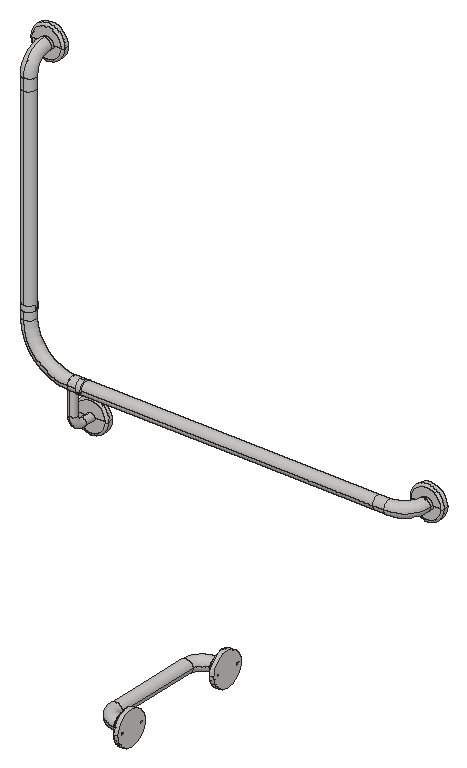
Revit family "RBA4090-301", category Plumbing Fixtures, Revit 2021
Family settings
  Round Connector Dimension = Use Diameter
  Part Type = Normal
  Work Plane-Based = No
  Always vertical = No
  Cut with Voids When Loaded = No
  Shared = No
  Room Calculation Point = No
Parameters
  Watermarked By = "www.rba.com.au"
  URL = "www.rba.com.au"
  Phone Number = "1300 788 778"
  OFFSET = 800.00 mm
  Model = "RBA4090-301"
  Materials & Finishes = #304 Stainless Steel, Satin Finish
  Manufacturer Model = ""
  Manufacturer = "RBA Group"
  Distance Away from Wall [instance] = 100.00 mm
  Distance Away from Toilet [instance] = 1090.00 mm
  Description = "RH Accessible Rail + 300mm Straight Kit | Satin Finish"
  Default Elevation = 0.00 mm
  Copyrighted by = "RBA Group"  # constant formula
  Assembly Code = ""
Reference planes
  plane 1 "Center (Front/Back)": y = 0
  plane 2: z = 0
  plane 3: x = 40.5
  plane 4: z = 800
  plane 5: x = 1090.5
  plane 6: x = 990.5
  plane 7: x = 140.5
  plane 8: z = 700
  plane 9: z = 1500
  plane 10: y = -86
  plane 11: y = -54
  plane 12: y = -1074
  plane 13: y = -1090
  plane 14: x = 1035.5
  plane 15: x = 1003.5
  plane 16: z = 816
  plane 17: x = 56.5
  plane 18: x = 46.5
Dimensions and locks
  "OFFSET": plane 4 to plane 2
  plane 11 to plane 1 "Center (Front/Back)" = 54.00 mm
  plane 10 to plane 1 "Center (Front/Back)" = 86.00 mm
  "Distance Away from Wall": plane 6 to plane 5
  locked: plane 12 to plane 13 at 16
  "Distance Away from Toilet": plane 13 to plane 1 "Center (Front/Back)"
Nested families
  nested 1: "RBA4090-911" at (-656, 0, 800), type "RBA4090-911"
  nested 2: "RBA4000-Straight-Series" at (1090.5, -1074, 800) x (0, 1, 0) z (0, 0, -1), type "RBA4000-030"
Definition of nested family "RBA4090-911"
  Parameters (values of type "RBA4090-911")
    Watermarked By = "www.rba.com.au"
    URL = "www.rba.com.au"
    R_Void [instance] = 15.00 mm
    R [instance] = 0.00 mm
    Phone Number = "1300 788 778"
    Model = "RBA4090-911"
    Materials & Finishes = none
    Manufacturer Model = "B819436"
    Manufacturer = "RBA Group"
    Description = "RTA SSS Right Hand Single Wall 90° Rail"
    Default Elevation = 0.00 mm
    Copyrighted by = "RBA Group"  # constant formula
    Assembly Code = ""
  Reference planes
    plane 1 "Center (Front/Back)": y = 0
    plane 2: z = 0
    plane 3: x = 40.5
    plane 4: x = 990.5
    plane 5: x = 515.5
    plane 6: z = 700
    plane 7: x = 835.5
    plane 8: z = -100
    plane 9: x = 974.5
    plane 10: z = 16
    plane 11: y = -70
    plane 12: y = -86
    plane 13: y = -54
    plane 14: y = -79.5
    plane 15: y = -60.5
    plane 16: z = -30
    plane 17: z = 30
    plane 18: x = 1606.5
    plane 19: x = 1666.5
    plane 20: z = 670
    plane 21: z = 730
    plane 22: x = 716.5
    plane 23: x = 656.5
    plane 24: z = -130
    plane 25: z = -70
    plane 26: x = 766.5
    plane 27: x = 826.5
    plane 28: x = 686.5
  Forms (mm)
    Extrusion 1, solid, material <- "Materials & Finishes"
      sketch origin (1636.5, -2.628, 315.907) x (0, 0, -1) y (-1, 0, 0)
        loop
          circle (315.907, 0) r 40
      from -0.219 to 2.628
    Revolve 2, solid, material <- "Materials & Finishes"
      sketch origin (1636.5, 18.663, 0) x (0, -1, 0) y (1, 0, 0)
        loop
          line (18.663, 0) -> (33.701, 0) -> (32.842, 36.617)
          arc (32.842, 36.617) -> (31.337, 40.077) -> (27.844, 41.5) r 5
          line (27.844, 41.5) -> (18.663, 41.5) -> (18.663, 0)
        axis (18.663, 0) -> (33.701, 0)
      angle from 0 to 360
    Extrusion 3, void
      sketch origin (1636.5, 34.941, 315.907) x (0, 0, -1) y (-1, 0, 0)
        loop
          circle (315.907, 30) r 5
        loop
          circle (315.907, -30) r 5
      from -37.788 to -30
    Sweep 4, solid, material <- "Materials & Finishes"
      path origin (1636.5, 12.454, 0) x (0, -1, 0) y (-1, 0, 0)
        loop
          line (12.454, 0) -> (34.454, 0)
          arc (34.454, 0) -> (68.395, 14.059) -> (82.454, 48) r 48
          line (82.454, 48) -> (82.454, 76)
      profile origin (1636.5, -11, 0) x (1, 0, 0) y (0, 0, 1)
        loop
          circle (0, 0) r 16
    Extrusion 5, solid, material <- "Materials & Finishes"
      sketch origin (686.5, -2.628, 1015.907) x (0, 0, -1) y (-1, 0, 0)
        loop
          circle (315.907, 0) r 40
      from -0.219 to 2.628
    Extrusion 6, void
      sketch origin (686.5, 34.941, 1015.907) x (0, 0, -1) y (-1, 0, 0)
        loop
          circle (315.907, -30) r 5
        loop
          circle (315.907, 30) r 5
      from -37.788 to -30
    Sweep 7, solid, material <- "Materials & Finishes"
      path origin (-13.5, 12.454, 700) x (0, -1, 0) y (0, 0, -1)
        loop
          line (12.454, 0) -> (34.454, 0)
          arc (34.454, 0) -> (68.395, 14.059) -> (82.454, 48) r 48
          line (82.454, 48) -> (82.454, 76)
      profile origin (-13.5, -11, 700) x (0, 0, -1) y (1, 0, 0)
        loop
          circle (0, 700) r 16
    Revolve 8, solid, material <- "Materials & Finishes"
      sketch origin (686.5, 18.663, 700) x (0, -1, 0) y (1, 0, 0)
        loop
          line (18.663, 0) -> (18.663, -41.5) -> (27.844, -41.5)
          arc (27.844, -41.5) -> (31.337, -40.077) -> (32.842, -36.617) r 5
          line (32.842, -36.617) -> (33.701, 0) -> (18.663, 0)
        axis (18.663, 0) -> (33.701, 0)
      angle from 0 to 360
    Sweep 9, solid, material <- "Materials & Finishes"
      path origin (1677, 0, 0) x (-1, 0, 0) y (0, 0, -1)
        loop
          line (116.5, 0) -> (880.5, 0)
          arc (880.5, 0) -> (958.282, -32.218) -> (990.5, -110) r 110
          line (990.5, -110) -> (990.5, -624)
      profile origin (1178.5, 0, 0) x (0, 0, -1) y (0, -1, 0)
        loop
          circle (0, 70) r 16
    Extrusion 10, solid, material <- "Materials & Finishes"
      sketch origin (796.5, -2.628, 215.907) x (0, 0, -1) y (-1, 0, 0)
        loop
          circle (315.907, 0) r 40
      from -0.219 to 2.628
    Revolve 11, solid, material <- "Materials & Finishes"
      sketch origin (796.5, 18.663, -100) x (0, -1, 0) y (1, 0, 0)
        loop
          line (18.663, 0) -> (33.701, 0) -> (32.842, 36.617)
          arc (32.842, 36.617) -> (31.337, 40.077) -> (27.844, 41.5) r 5
          line (27.844, 41.5) -> (18.663, 41.5) -> (18.663, 0)
        axis (18.663, 0) -> (33.701, 0)
      angle from 0 to 360
    Sweep 12, solid, material <- "Materials & Finishes"
      path origin (796.5, 12.454, -100) x (0, -1, 0) y (0, 0, 1)
        loop
          line (12.454, 0) -> (54.454, 0)
          arc (54.454, 0) -> (74.253, 8.201) -> (82.454, 28) r 28
          line (82.454, 28) -> (82.454, 100)
      profile origin (796.5, -21, -100) x (0, 0, 1) y (-1, 0, 0)
        loop
          circle (0, 0) r 9.5
    Extrusion 13, void
      sketch origin (796.5, 34.941, 215.907) x (0, 0, -1) y (-1, 0, 0)
        loop
          circle (315.907, 30) r 5
        loop
          circle (315.907, -30) r 5
      from -37.788 to -30
    Extrusion 14, solid, material <- "Materials & Finishes"
      sketch origin (1677, 0, 0) x (-1, 0, 0) y (0, -1, 0)
        loop
          circle (990.5, 70) r 17
      from 142 to 130
    Extrusion 15, solid, material <- "Materials & Finishes"
      sketch origin (1026.5, 0, 990.5) x (0, 0, -1) y (0, -1, 0)
        loop
          circle (990.5, 70) r 17
      from 210 to 198
  Cuts and joins
    Extrusion 3 cuts Extrusion 1
    Extrusion 3 cuts Revolve 2
    Extrusion 6 cuts Extrusion 5
    Extrusion 6 cuts Revolve 8
    Extrusion 13 cuts Extrusion 10
    Extrusion 13 cuts Revolve 11
    joined: Sweep 4, Sweep 7, Sweep 9
  Dimensions and locks
    level to plane 8 = 100.00 mm
    plane 6 to level = 700.00 mm
    plane 4 to plane 7 = 155.00 mm
    plane 4 to plane 3 = 950.00 mm
    Revolve 2 sketch curve to Revolve 2 sketch curve = 41.50 mm
    plane 17 to plane 16 = 60.00 mm
    plane 18 to plane 19 = 60.00 mm
    plane 21 to plane 20 = 60.00 mm
    plane 23 to plane 22 = 60.00 mm
    Revolve 8 sketch curve to Revolve 8 sketch curve = 41.50 mm
    Revolve 11 sketch curve to Revolve 11 sketch curve = 41.50 mm
    plane 25 to plane 24 = 60.00 mm
    plane 26 to plane 27 = 60.00 mm
    radius of Extrusion 1 sketch curve = 40.00 mm
    radius of Sweep 4 sketch curve = 16.00 mm
    radius of Extrusion 5 sketch curve = 40.00 mm
    radius of Sweep 7 sketch curve = 16.00 mm
    radius of Extrusion 10 sketch curve = 40.00 mm
    radius of Sweep 12 sketch curve = 9.50 mm
    aligned and locked: Revolve 2 to Extrusion 1
    aligned and locked: Revolve 11 to Extrusion 10
Definition of nested family "RBA4000-Straight-Series"
  Parameters (values of type "RBA4000-060")
    Watermarked By = "www.rba.com.au"
    URL = "www.rba.com.au"
    Phone Number = ""
    OFFSET [instance] = 800.00 mm
    Modified Issue = ""
    Model = "RBA4000-Straight-Series"
    Materials & Finishes = none
    Manufacturer = "RBA Group"  # constant formula
    Lgth = 600.00 mm
    Diameter = 32.00 mm
    Description = "RTA Satin Stainless Steel Straight Grabrail"
    Default Elevation = 0.00 mm
    Copyright by = "RBA Group"  # constant formula
  Types (9, lengths in mm): name | URL | Phone Number | Modified Issue | Model | Lgth | Description
    RBA4000-040 | "www.rba.com.au" | "" | "20191108.1" | "RBA4000-040" | 400.00 | "Straight Grab Rail 400mm"
    RBA4000-120 | "http://www.rba.com.au/accessible-disabled/grab-rails" | "1300 788 778" | "20191004.01" | "RBA4000-120" | 1200.00 | "Straight Grab Rail 1200mm"
    RBA4000-100 | "http://www.rba.com.au/accessible-disabled/grab-rails" | "1300 788 778" | "20191004.01" | "RBA4000-100" | 1000.00 | "Straight Grab Rail 1000mm"
    RBA4000-080 | "http://www.rba.com.au/accessible-disabled/grab-rails" | "1300 788 778" | "20191004.01" | "RBA4000-080" | 800.00 | "Straight Grab Rail 800mm"
    RBA4000-090 | "www.rba.com.au" | "" | "20191004.01" | "RBA4000-090" | 900.00 | "Straight Grab Rail 900mm"
    RBA4000-070 | "www.rba.com.au" | "" | "20191004.01" | "RBA4000-075" | 700.00 | "Straight Grab Rail 750mm"
    RBA4000-060 | "www.rba.com.au" | "" | "" | "RBA4000-Straight-Series" | 600.00 | "RTA Satin Stainless Steel Straight Grabrail"
    RBA4000-045 | "www.rba.com.au" | "" | "20191004.01" | "RBA4000-045" | 450.00 | "Straight Grab Rail 450mm"
    RBA4000-030 | "www.rba.com.au" | "" | "20190510.1" | "RBA4000-030" | 300.00 | "Straight Grab Rail 300mm"
  Reference planes
    plane 1 "Center (Front/Back)": y = 0
    plane 2: z = 0
    plane 3 "Center (Left/Right)": x = 0
    plane 4: x = 0
    plane 5: x = 0
    plane 6: y = -57
    plane 7: y = -87
    plane 8: x = 600
    plane 9: z = 16
    plane 10: z = -16
    plane 11: y = -55
  Forms (mm)
    Sweep 1, solid, material <- "Materials & Finishes"
      path origin (-273.954, -750, 0) x (0, -1, 0) y (1, 0, 0)
        loop
          line (-740, 873.954) -> (-719, 873.954)
          arc (-719, 873.954) -> (-690.716, 862.239) -> (-679, 833.954) r 40
          line (-679, 833.954) -> (-679, 313.954)
          arc (-679, 313.954) -> (-690.716, 285.67) -> (-719, 273.954) r 40
          line (-719, 273.954) -> (-740, 273.954)
      profile origin (300, -71, 0) x (0, -1, 0) y (0, 0, 1)
        loop
          circle (0, 0) r 16
    Extrusion 2, solid, material <- "Materials & Finishes"
      sketch origin (62.5, -2.628, -315.907) x (0, 0, 1) y (1, 0, 0)
        loop
          circle (315.907, -62.5) r 40
      from -0.206 to 2.628
    Revolve 3, solid, material <- "Materials & Finishes"
      sketch origin (62.5, 18.663, 0) x (-1, 0, 0) y (0, -1, 0)
        loop
          line (62.5, 18.663) -> (104, 18.663) -> (104, 28.968)
          arc (104, 28.968) -> (103.207, 31.014) -> (101.243, 31.992) r 3.037
          arc (101.243, 31.992) -> (81.892, 33.334) -> (62.5, 33.781) r 420.249
          line (62.5, 33.781) -> (62.5, 18.663)
        axis (62.5, 18.663) -> (62.5, 33.781)
      angle from 0 to 360
    Extrusion 4, void
      sketch origin (62.704, 34.941, -270.785) x (-0.515038, 0, 0.857167) y (0.857167, 0, 0.515038)
        loop
          circle (248.952, 111.432) r 4.75
        loop
          circle (279.854, 60.002) r 4.75
      from -37.775 to -34.941
    Extrusion 5, solid, material <- "Materials & Finishes"
      sketch origin (237.5, -2.628, -315.907) x (0, 0, 1) y (1, 0, 0)
        loop
          circle (315.907, 362.5) r 40
      from -0.206 to 2.628
    Revolve 6, solid, material <- "Materials & Finishes"
      sketch origin (237.5, 18.663, 0) x (-1, 0, 0) y (0, -1, 0)
        loop
          line (-362.5, 18.663) -> (-362.5, 33.781)
          arc (-362.5, 33.781) -> (-381.892, 33.334) -> (-401.243, 31.992) r 420.249
          arc (-401.243, 31.992) -> (-403.207, 31.014) -> (-404, 28.968) r 3.037
          line (-404, 28.968) -> (-404, 18.663) -> (-362.5, 18.663)
        axis (-362.5, 18.663) -> (-362.5, 33.781)
      angle from 0 to 360
    Extrusion 7, void
      sketch origin (362.704, 34.941, -270.785) x (-0.515038, 0, 0.857167) y (0.857167, 0, 0.515038)
        loop
          circle (125.343, 317.152) r 4.75
        loop
          circle (94.441, 368.582) r 4.75
      from -37.775 to -34.941
  Cuts and joins
    Extrusion 7 cuts Sweep 1
    Extrusion 4, Extrusion 7 cuts Extrusion 2
    Extrusion 4, Extrusion 7 cuts Revolve 3
    Extrusion 7 cuts Extrusion 5
    Extrusion 7 cuts Revolve 6
    joined: Sweep 1, Extrusion 2, Revolve 3, Extrusion 5, Revolve 6
  Dimensions and locks
    "Lgth": plane 3 "Center (Left/Right)" to plane 8
    radius of Sweep 1 sketch curve = 16.00 mm
    aligned and locked: level to plane 2
    aligned and locked: Revolve 3 to Extrusion 2
    aligned and locked: Extrusion 2 to Extrusion 4
    aligned and locked: Revolve 6 to Extrusion 5
  Automatic sketch dimensions
    Sweep 1 sketch curve to plane 8 = 0.00 mm
    Sweep 1 sketch curve to plane 3 "Center (Left/Right)" = 0.00 mm
    plane 6 to Sweep 1 sketch curve = 26.00 mm  (x2)
    Sweep 1 sketch curve to plane 6 = 14.00 mm
    plane 1 "Center (Front/Back)" to Sweep 1 sketch curve = 10.00 mm  (x2)
    Sweep 1 sketch curve to profile plane = 0.00 mm  (x2)
    Extrusion 2 sketch curve to level = 0.00 mm
    Extrusion 2 sketch curve to plane 3 "Center (Left/Right)" = 0.00 mm
    plane 1 "Center (Front/Back)" to Revolve 3 sketch curve = 0.00 mm
    Revolve 3 sketch curve to plane 3 "Center (Left/Right)" = 0.00 mm  (x2)
    plane 1 "Center (Front/Back)" to Revolve 3 sketch curve = 10.305 mm
    Revolve 3 sketch curve to plane 3 "Center (Left/Right)" = 38.463 mm
    Revolve 3 sketch curve to Revolve 3 sketch curve = 3.037 mm
    Revolve 3 sketch curve to plane 1 "Center (Front/Back)" = 405.131 mm
    Revolve 3 sketch curve to Revolve 3 sketch curve = 15.118 mm
    Revolve 3 sketch curve to plane 1 "Center (Front/Back)" = 21.537 mm
    Revolve 3 sketch curve to Revolve 3 sketch curve = 0.00 mm
    plane 6 to Revolve 3 sketch curve = 13.537 mm
    Extrusion 5 sketch curve to level = 0.00 mm
    plane 8 to Extrusion 5 sketch curve = 0.00 mm
    plane 1 "Center (Front/Back)" to Revolve 6 sketch curve = 0.00 mm
    Revolve 6 sketch curve to plane 8 = 0.00 mm  (x2)
    plane 1 "Center (Front/Back)" to Revolve 6 sketch curve = 10.305 mm
    Revolve 6 sketch curve to plane 8 = 38.463 mm
    Revolve 6 sketch curve to Revolve 6 sketch curve = 3.037 mm
    Revolve 6 sketch curve to plane 1 "Center (Front/Back)" = 405.131 mm
    Revolve 6 sketch curve to Revolve 6 sketch curve = 15.118 mm
    Revolve 6 sketch curve to plane 1 "Center (Front/Back)" = 21.537 mm
    Revolve 6 sketch curve to Revolve 6 sketch curve = 0.00 mm
    plane 6 to Revolve 6 sketch curve = 13.537 mm
    Extrusion 7 sketch curve to level = 0.00 mm  (x2)
    Extrusion 7 sketch curve to plane 8 = 30.00 mm
    Extrusion 7 sketch curve to Extrusion 7 sketch curve = 30.902 mm
    Extrusion 4 sketch curve to level = 0.00 mm  (x2)
    plane 3 "Center (Left/Right)" to Extrusion 4 sketch curve = 30.00 mm
    Extrusion 4 sketch curve to Extrusion 4 sketch curve = 30.902 mm
    radius of Extrusion 2 sketch curve = 40.00 mm
    radius of Extrusion 5 sketch curve = 40.00 mm
    radius of Extrusion 7 sketch curve = 4.75 mm  (x2)
    radius of Extrusion 4 sketch curve = 4.75 mm  (x2)
